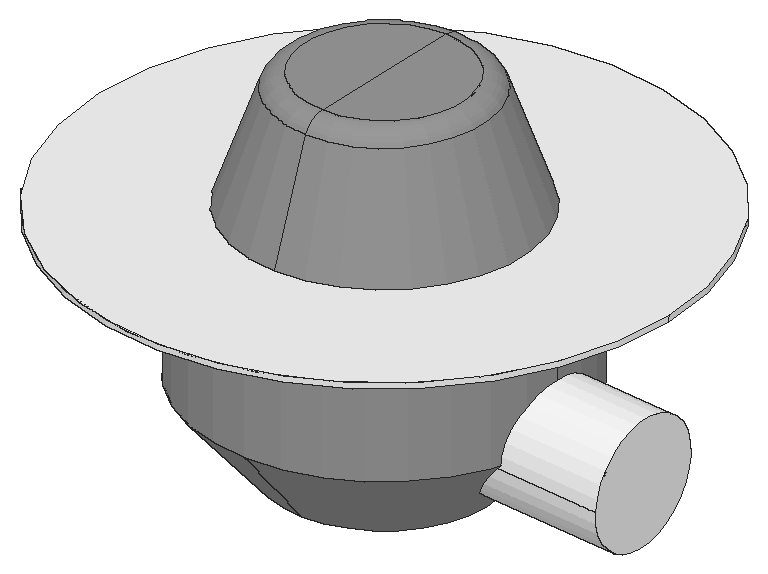
Revit family "HL_Dachablauf_HL64P-B-221103", category Instalační zařizovací předměty, Revit 2021
Family settings
  Kóta kulaté spojky = Použít průměr
  Typ dílu = Normální
  Číslo OmniClass = 23.70.50.21.24.14
  Nadpis OmniClass = Deck Waste Water Drains
  Založené na pracovní rovině = Ne
  Vždy vertikální = Ano
  Ořezat dutým tvarem při načtení = Ne
  Sdílené = Ne
  Bod výpočtu místnosti = Ano
Parameters
  Výchozí výška = 0 mm
  Výrobce = "HL Hutterer & Lechner GmbH"  # constant formula
  VOLUMENSTROM [instance] = 0.0 L/s
  URL = "http://www.hutterer-lechner.com/de/products/catalog/roof-drains/HL64P/7.aspx"
  RECHTSAUSKUNFT = "Urheberrechte (©), Designrechte und alle anderen Rechte am geistigen Eigentum, sind ausschließlich Eigentum der Firma HL Hutterer&Lechner GmbH. Änderungen sind nicht gestattet. Die Familien (Teile) sind mit Wasserzeichen geschützt."
  MATERIAL = "PVC"
  LEISTUNG = "6,9 l/s"
  GEWICHT = "1,68 [kg]"
  EINLAUFROST = "Laubfangkorb d 145 mm"
  EAN = "9003076031405"
  DURCHMESSER = 75 mm
  DIMENSION = "DN75"
  Abdeckung Material [instance] = none
  Přípoj ventilace = no
  Přípoj odpadních dílů = yes
  Přípoj HW = no
  Přípoj CW = no
  Popis = "Dachabläufe"
  Model = "HL64P_7"
  Assembly Code = " "
  Type Comments = "HL64P/7 Dachablauf DN75 waagrecht mit PVC_Kragen,"
  Keynote = "HL64P_7"
  Einbauhöhe [instance] = 0 mm  # constant formula
  G [instance] = 90.00°  # constant formula
  D [instance] = if(DURCHMESSER = 75 mm, 162.8 mm, 178 mm)  # 162.8 mm
  C [instance] = if(Einbauhöhe - 68 mm < 0 mm, 0 mm, Einbauhöhe - 68 mm)  # 0 mm
  B [instance] = Einbauhöhe + if(DURCHMESSER = 75 mm, 101 mm, 84 mm)  # 101 mm
  A [instance] = if(B - 100 mm > 15 mm, B - 100 mm, 15 mm)  # 15 mm
Types (3, lengths in mm): name | URL | LEISTUNG | GEWICHT | EAN | DURCHMESSER | DIMENSION | Model | Type Comments | Keynote | D | B
  (no name) | "http://www.hutterer-lechner.com/de/products/catalog/roof-drains/HL64P/7.aspx" | "6,9 l/s" | "1,68 [kg]" | "9003076031405" | 75 | "DN75" | "HL64P_7" | "HL64P/7 Dachablauf DN75 waagrecht mit PVC_Kragen," | "HL64P_7" | 162.8 | 101
  HL_Dachablauf_HL64P_1 | "http://www.hutterer-lechner.com/de/products/catalog/roof-drains/HL64P/1.aspx" | "7,8 l/s" | "1,012 [kg]" | "9003076031429" | 110 | "DN110" | "HL64P_1" | "HL64P/1 Dachablauf DN110 waagrecht mit PVC_Kragen," | "HL64P_1" | 178 | 84
  HL_Dachablauf_HL64P_7 | "http://www.hutterer-lechner.com/de/products/catalog/roof-drains/HL64P/7.aspx" | "6,9 l/s" | "1,68 [kg]" | "9003076031405" | 75 | "DN75" | "HL64P_7" | "HL64P/7 Dachablauf DN75 waagrecht mit PVC_Kragen," | "HL64P_7" | 162.8 | 101
Reference planes
  plane 1 "Center (Front/Back)": y = 0
  plane 2: z = 0
  plane 3 "Center (Left/Right)": x = 0
  plane 4: z = -101
  plane 5: z = 0
Lines and regions (mm)
  model lines, style "InvisibleLines"
    curve 1: line (0, 0, 0) -> (0, 0, 20)
  model lines, style "PlumbingFixtures", detail levels coarse+medium
    curve 2: line (0, 0, -101) -> (0, 0, -86)
    curve 3: line (0, 0, -86) -> (-86, 0, 0)
    curve 4: line (0, 0, -86) -> (86, 0, 0)
    curve 6: line (0, 0, -101) -> (162.8, 0, -101)
  reference lines, not visible
    curve 5: line (0, 0, -101) -> (162.8, 0, -101)
  symbolic lines, style "PlumbingFixtures", detail levels coarse+medium
    curve 7: line (-75, 75, 0) -> (75, 75, 0)
    curve 8: line (-75, -75, 0) -> (-75, 75, 0)
    curve 9: line (75, -75, 0) -> (-75, -75, 0)
    curve 10: line (75, 75, 0) -> (75, -75, 0)
    curve 11: line (-75, 75, 0) -> (-145.711, 145.711, 0)
    curve 12: line (75, 75, 0) -> (145.711, 145.711, 0)
    curve 13: line (-75, -75, 0) -> (-145.711, -145.711, 0)
    curve 14: line (75, -75, 0) -> (145.711, -145.711, 0)
  symbolic lines, style "PlumbingFixtures", not visible, detail levels coarse+medium
    curve 15: line (-75, 75, 0) -> (75, 75, 0)
    curve 16: line (-75, -75, 0) -> (-75, 75, 0)
    curve 17: line (75, -75, 0) -> (-75, -75, 0)
    curve 18: line (75, 75, 0) -> (75, -75, 0)
    curve 19: line (-75, 75, 0) -> (-145.711, 145.711, 0)
    curve 20: line (75, 75, 0) -> (145.711, 145.711, 0)
    curve 21: line (-75, -75, 0) -> (-145.711, -145.711, 0)
    curve 22: line (75, -75, 0) -> (145.711, -145.711, 0)
Text (mm)
  text "FLOOR" at (-162.344, 0, -10.979), in view "Drain Construction View"
Dimensions and locks
  "B": plane 2 to plane 4
  "Einbauhöhe": plane 2 to plane 5
  "A": curve 4 to plane 4
  "D": curve 5 to curve 5
  "D": curve 6 to curve 6
  locked: curve 4 to plane 3 "Center (Left/Right)" (angle 45.00°)
  locked: plane 3 "Center (Left/Right)" to curve 3 (angle 45.00°)
  "G": angle curve 5 to plane 3 "Center (Left/Right)"
  aligned and locked: level to plane 2
  aligned and locked: plane 2 to curve 4
  aligned and locked: plane 2 to curve 3
  aligned and locked: plane 4 to curve 5
  aligned and locked: plane 3 "Center (Left/Right)" to curve 5
  aligned and locked: plane 4 to curve 2
  aligned and locked: plane 3 "Center (Left/Right)" to curve 6
  aligned and locked: plane 4 to curve 6
  aligned and locked: nested 1 to plane 5
  aligned and locked: plane 3 "Center (Left/Right)" to nested 1
  aligned and locked: plane 2 to nested 2
  aligned and locked: plane 3 "Center (Left/Right)" to nested 2
Automatic sketch dimensions
  curve 2 to plane 3 "Center (Left/Right)" = 0 mm
  curve 1 to plane 3 "Center (Left/Right)" = 0 mm
  curve 1 to level = 0 mm
  level to curve 1 = 20 mm
Nested families
  nested 1: "HL_Dachablaufkörper_HL64P" at (0, 0, 0), DURCHMESSER <- "DURCHMESSER", type "HL_Dachablaufkörper_HL64P"
    with L 164 mm, DURCHMESSER 75 mm, B 101.3 mm, A 92.3 mm
  nested 2: "HL_Zubehör_HL062.1E" at (0, 0, 0), type "HL_Zubehör_HL062.1E"
Connectors
  piping at (162.8, 0, -101), diameter 75, driven by "VOLUMENSTROM", driven by "DURCHMESSER"
    settings: on curve 5, index 1, connector inside diameter 609.6 mm, connector length 0 mm, flow factor 0, pipe flow 0.0 L/s, pressure drop 0.0 Pa, fitting loss kfactor 0, connector angle 0.00°, fixture units 0, engagement length 0 mm, angle of deflection 0.00°, flow configuration 1, flow direction 2, fitting loss method 0, system type 16, joint type 0, gender type 0, connector reference index -1, connector utility 0, adjustable connector yes, is connector primary yes, connector description ""
Definition of nested family "HL_Dachablaufkörper_HL64P"
  Parameters (values of type "HL_Dachablaufkörper_HL64P")
    Default Elevation = 0 mm
    Manufacturer = ""
    URL = ""
    Description = ""
    Model = ""
    L [instance] = if(DURCHMESSER = 75 mm, 164 mm, 178 mm)  # 178 mm
    Type Comments = ""
    DURCHMESSER [instance] = 110 mm
    Cost = 0
    B [instance] = if(DURCHMESSER = 75 mm, 101.3 mm, 84 mm)  # 84 mm
    A [instance] = if(DURCHMESSER = 75 mm, 92.3 mm, 75 mm)  # 75 mm
  Reference planes
    plane 1 "Střed (vpředu/vzadu)": y = 0
    plane 2: z = 0
    plane 3 "Střed (vlevo/vpravo)": x = 0
  Forms (mm)
    Extrusion 1, solid, detail levels fine
      sketch origin (0, 0, 0) x (1, 0, 0) y (0, 1, 0)
        loop
          circle (0, 0) r 180
        loop
          circle (0, 0) r 78.913
      from 0 to -3.5
    Extrusion 2, solid, detail levels fine
      sketch origin (0, 0, -3.5) x (0, 1, 0) y (1, 0, 0)
        loop
          circle (0, 0) r 140
      from 0 to 18
    Extrusion 3, solid, detail levels fine
      sketch origin (0, 0, -21.5) x (-1, 0, 0) y (0, 1, 0)
        loop
          circle (0, 0) r 110
      from 0 to 73.906
    Blend 4, solid, detail levels fine
      base sketch origin (0, 0, -95.406) x (0, -1, 0) y (1, 0, 0)
        loop
          circle (0, 0) r 110
      top sketch origin (0, 0, -95.406) x (0, -1, 0) y (1, 0, 0)
        loop
          circle (0, 0) r 65
      from 0 to -53
    Revolve 5, void
      sketch origin (0, 0, 0) x (1, 0, 0) y (0, 0, 1)
        loop
          line (-78.913, 0) -> (-78.913, -16.281) -> (-74.694, -23.588) -> (-74.694, -24.914) -> (-75.511, -24.914) -> (-75.511, -30.304) -> (-64.679, -30.304) -> (-64.679, -32.804) -> (0, -32.804) -> (0, 0) -> (-78.913, 0)
        axis (0, 0) -> (0, -32.804)
      angle from 0 to 360
    Extrusion 6, solid, detail levels fine
      sketch origin (178.231, 0, -84) x (0, -1, 0) y (-0.050432, 0, -0.998727)
        loop
          circle (0, 0.078) r 55
      from -0.458 to -104.708
  Cuts and joins
    Revolve 5 cuts Extrusion 1
    Revolve 5 cuts Extrusion 2
    Revolve 5 cuts Extrusion 3
  Lines and regions (mm)
    reference lines
      curve 1: line (0, 0, -75) -> (178.231, 0, -84)
  Dimensions and locks
    "B": plane 2 to curve 1
    "L": Extrusion 6 to curve 1
    "A": plane 2 to curve 1
    "DURCHMESSER": diameter of Extrusion 6 sketch curve
    aligned and locked: level to plane 2
  Automatic sketch dimensions
    Extrusion 1 sketch curve to Extrusion 1 sketch curve = 0 mm  (x2)
    plane 1 "Střed (vpředu/vzadu)" to Extrusion 1 sketch curve = 0 mm
    Extrusion 1 sketch curve to plane 3 "Střed (vlevo/vpravo)" = 0 mm
    Revolve 5 sketch curve to level = 0 mm
    Revolve 5 sketch curve to plane 3 "Střed (vlevo/vpravo)" = 0 mm  (x2)
    Revolve 5 sketch curve to level = 30.304 mm
    Revolve 5 sketch curve to plane 3 "Střed (vlevo/vpravo)" = 64.679 mm
    Revolve 5 sketch curve to level = 23.588 mm
    Revolve 5 sketch curve to Revolve 5 sketch curve = 10.016 mm
    Revolve 5 sketch curve to Revolve 5 sketch curve = 0.817 mm
    Revolve 5 sketch curve to Revolve 5 sketch curve = 4.218 mm
    Revolve 5 sketch curve to Revolve 5 sketch curve = 32.804 mm
    Revolve 5 sketch curve to Revolve 5 sketch curve = 1.326 mm
    Revolve 5 sketch curve to Revolve 5 sketch curve = 7.307 mm
    level to Revolve 5 sketch curve = 25 mm
    Revolve 5 sketch curve to Revolve 5 sketch curve = 50 mm
    curve 1 to plane 3 "Střed (vlevo/vpravo)" = 0 mm
    plane 3 "Střed (vlevo/vpravo)" to curve 1 = 178.231 mm
    Extrusion 6 sketch curve to plane 1 "Střed (vpředu/vzadu)" = 0 mm
    radius of Extrusion 1 sketch curve = 180 mm
    radius of Extrusion 1 sketch curve = 78.913 mm
    radius of Extrusion 2 sketch curve to Extrusion 1 = 40 mm
    radius of Extrusion 3 sketch curve to Extrusion 2 = 30 mm
    radius of Blend 4 sketch curve to Extrusion 3 = 0 mm
    radius of Blend 4 sketch curve to Extrusion 3 = 45 mm
Definition of nested family "HL_Zubehör_HL062.1E"
  Parameters (values of type "HL_Zubehör_HL062.1E")
    Default Elevation = 0 mm
    Manufacturer = "HL Hutterer & Lechner GmbH"
    URL = "http://www.hutterer-lechner.com/de/products/catalog/roof-drains/HL062.1E.aspx"
    Abdeckung Material = none
    RECHTSAUSKUNFT = "Urheberrechte (©), Designrechte und alle anderen Rechte am geistigen Eigentum, sind ausschließlich Eigentum der Firma HL Hutterer&Lechner GmbH. Änderungen sind nicht gestattet. Die Familien (Teile) sind mit Wasserzeichen geschützt."
    Description = "Dachabläufe"
    Model = "HL062.1E"
    Type Comments = "HL062.1E, Laubfangkorb"
    Keynote = "HL062.1E"
    GEWICHT = "0,097 [kg]"
    Volumenstrom [instance] = 0.0 L/s
    EAN = "9003076006212"
    Cost = 0
  Values of the unnamed type that differ from the named types
    Manufacturer = ""
    URL = ""
    RECHTSAUSKUNFT = ""
    Description = ""
    Model = ""
    Type Comments = "HL062.1E, domed plastic grate"
    Keynote = ""
  Reference planes
    plane 1 "Střed (vpředu/vzadu)": y = 0
    plane 2: z = 0
    plane 3 "Střed (vlevo/vpravo)": x = 0
  Forms (mm)
    Revolve 1, solid, detail levels fine
      sketch origin (0, 0, 0) x (0, 1, 0) y (0, 0, 1)
        loop
          line (0, 75) -> (0, 60.2) -> (47.074, 60.2) -> (68.985, 0) -> (86.249, 0) -> (61.992, 66.646)
          arc (61.992, 66.646) -> (56.733, 72.731) -> (49.016, 75) r 14.255
          line (49.016, 75) -> (0, 75)
        axis (0, 75) -> (0, 0)
      angle from 0 to 360
    Extrusion 2, solid, detail levels fine
      sketch origin (0, 0, 0) x (0, 1, 0) y (1, 0, 0)
        loop
          circle (0, 0) r 78.587
        loop
          circle (0, 0) r 70.981
      from 0 to 16.7
    Extrusion 3, solid, detail levels fine
      sketch origin (0, 0, -16.7) x (-1, 0, 0) y (0, 1, 0)
        loop
          circle (0, 0) r 70
        loop
          circle (0, 0) r 74.546
      from 0 to 12.3
  Dimensions and locks
    aligned and locked: level to plane 2
